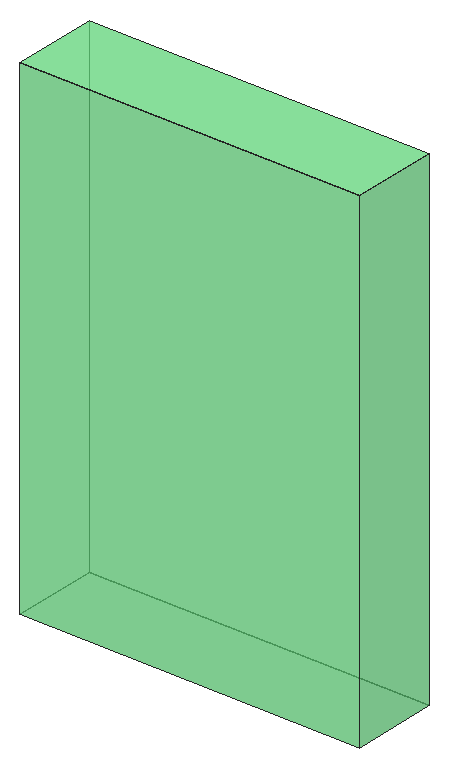
Revit family "501_MEP_Задание_Отверстие прямоугольное_Стены", category Оборудование, Revit 2020
Family settings
  Размер круглого соединителя = Использовать диаметр
  Классификация = Нет
  Тип детали = Нормальный
  На основе рабочей плоскости = Нет
  Всегда вертикально = Да
  При загрузке вырезать с полостями = Нет
  Общий = Нет
  Точка расчета площади = Нет
Parameters (values of type "СС")
  Отметка по умолчанию = 0 mm
  Ключевая пометка = "501_MEP"  # constant formula
  КП_Р_Ширина [instance] = Ширина + Расширение границ * 2  # 1100 mm
  КП_Р_Высота [instance] = Высота + Расширение границ * 2  # 1600 mm
  Заливка цветом = Заливка Цветная Прямоугольное Отверстие : Зеленый
  SYS_YES = 1 = 1  # yes
  SYS_WIDTH [instance] = Ширина / 2 + Расширение границ  # 550 mm
  Ширина [instance] = 1000 mm
  Толщина [instance] = 280 mm
  Расширение границ [instance] = 50 mm
  Описание = "Для плагина «Менеджер отверстий»"  # constant formula
  Комментарии к типоразмеру = "СС"
  Группа модели = "Задание на прямоугольное отверстие в стене"  # constant formula
  SYS_OFFSET_UP [instance] = 0 mm
  SYS_OFFSET_DOWN [instance] = 0 mm
  SYS_NO = 1 = 0  # no
  SYS_HEIGHT [instance] = Высота / 2 + Расширение границ  # 800 mm
  Высота [instance] = 1500 mm
Types (5, lengths in mm): name | Заливка цветом | Комментарии к типоразмеру
  ОВ | Заливка Цветная Прямоугольное Отверстие : Желтый | "ОВ"
  ВК | Заливка Цветная Прямоугольное Отверстие : Синий | "ВК"
  ЭОМ | Заливка Цветная Прямоугольное Отверстие : Красный | "ЭОМ"
  СС | Заливка Цветная Прямоугольное Отверстие : Зеленый | "СС"
  АУПТ | Заливка Цветная Прямоугольное Отверстие : Фиолетовый | "АУПТ"
Reference planes
  plane 1 "Центр (Вперед/Назад)": y = 0
  plane 2: z = 0
  plane 3 "Центр (Влево/Вправо)": x = 0
  plane 4: z = 1500
  plane 5 "Влево": x = -500
  plane 6 "Вправо": x = 500
  plane 7 "Центр (Вверх/Вниз)": z = 750
  plane 8 "Назад": y = 140
  plane 9 "Вперед": y = -140
  plane 10: x = -550
  plane 11: z = 1550
  plane 12: x = 550
  plane 13: z = -50
  plane 14: z = 0
  plane 15: z = 1500
Forms (mm)
  Extrusion 1, solid
    sketch origin (-606.998, -140, 1200) x (-1, 0, 0) y (0, 0, 1)
      loop
        line (-56.998, 350) -> (-1156.998, 350) -> (-1156.998, -1250) -> (-56.998, -1250) -> (-56.998, 350)
    from 0 to 280 <- "Толщина"
Lines and regions (mm)
  model lines, style "00"
    curve 1: line (0, 0, 1500) -> (0, 0, 0)
  model lines, style "Обмен заданиями_MEP", detail levels fine
    curve 2: line (-500, -140, 1500) -> (500, -140, 1500)
    curve 3: line (-500, -140, 0) -> (-500, -140, 1500)
    curve 4: line (500, -140, 0) -> (-500, -140, 0)
    curve 5: line (500, -140, 1500) -> (500, -140, 0)
    curve 6: line (-500, 140, 1500) -> (500, 140, 1500)
    curve 7: line (-500, 140, 0) -> (-500, 140, 1500)
    curve 8: line (500, 140, 0) -> (-500, 140, 0)
    curve 9: line (500, 140, 1500) -> (500, 140, 0)
Dimensions and locks
  equal spacing: plane 5 "Влево", plane 3 "Центр (Влево/Вправо)", plane 6 "Вправо"
  equal spacing: plane 4, plane 7 "Центр (Вверх/Вниз)", plane 2
  "Ширина": plane 5 "Влево" to plane 6 "Вправо"
  "Высота": plane 4 to plane 2
  "Толщина": plane 8 "Назад" to plane 9 "Вперед"
  equal spacing: plane 8 "Назад", plane 1 "Центр (Вперед/Назад)", plane 9 "Вперед"
  "SYS_WIDTH": plane 3 "Центр (Влево/Вправо)" to plane 10
  "SYS_WIDTH": plane 12 to plane 3 "Центр (Влево/Вправо)"
  "SYS_HEIGHT": plane 7 "Центр (Вверх/Вниз)" to plane 13
  "SYS_HEIGHT": plane 11 to plane 7 "Центр (Вверх/Вниз)"
  "SYS_OFFSET_DOWN": plane 2 to plane 14
  "SYS_OFFSET_UP": plane 15 to plane 4
  aligned and locked: level to plane 2
  aligned and locked: Extrusion 1 sketch curve to plane 10
  aligned and locked: Extrusion 1 sketch curve to plane 12
  aligned and locked: Extrusion 1 sketch curve to plane 11
  aligned and locked: Extrusion 1 sketch curve to plane 13
  aligned and locked: plane 3 "Центр (Влево/Вправо)" to nested 1
  aligned and locked: plane 1 "Центр (Вперед/Назад)" to nested 1
  aligned and locked: plane 3 "Центр (Влево/Вправо)" to nested 2
  aligned and locked: nested 2 to plane 7 "Центр (Вверх/Вниз)"
  aligned and locked: plane 15 to curve 1
  aligned and locked: plane 14 to curve 1
  aligned and locked: curve 1 to plane 3 "Центр (Влево/Вправо)"
  aligned and locked: curve 5 to plane 6 "Вправо"
  aligned and locked: plane 2 to curve 4
  aligned and locked: curve 2 to plane 4
  aligned and locked: curve 3 to plane 5 "Влево"
  aligned and locked: curve 7 to plane 5 "Влево"
  aligned and locked: plane 2 to curve 8
  aligned and locked: curve 6 to plane 4
  aligned and locked: curve 9 to plane 6 "Вправо"
Nested families
  nested 1: "Заливка Цветная Прямоугольное Отверстие" at (0, 0, 0), L <- "КП_Р_Ширина", W <- "Толщина", План <- "SYS_YES", type <- "Заливка цветом", type "Зеленый"
    with Черный (план) no, Фиолетовый (план) no, Синий (план) no, План yes, Оранжевый (план) no, Красный (план) no, Зеленый (план) yes, Желтый (план) no, Голубой (план) no, W 280 mm, L 1100 mm, AW 50 mm, AL 50 mm
  nested 2: "Заливка Цветная Прямоугольное Отверстие" at (0, 0, 750) x (1, 0, 0) z (0, -1, 0), План <- "SYS_NO", W <- "КП_Р_Высота", L <- "КП_Р_Ширина", type <- "Заливка цветом", type "Зеленый"
    with Черный (план) no, Фиолетовый (план) no, Синий (план) no, План no, Оранжевый (план) no, Красный (план) no, Зеленый (план) no, Желтый (план) no, Голубой (план) no, W 1600 mm, L 1100 mm, AW 100 mm, AL 100 mm
Definition of nested family "Заливка Цветная Прямоугольное Отверстие"
  Parameters (values of type "Зеленый")
    Черный (план) [instance] = and(Черный, План)  # no
    Черный = no
    Фиолетовый (план) [instance] = and(Фиолетовый, План)  # no
    Фиолетовый = no
    Синий (план) [instance] = and(Синий, План)  # no
    Синий = no
    План [instance] = yes
    Оранжевый (план) [instance] = and(Оранжевый, План)  # no
    Оранжевый = no
    Красный (план) [instance] = and(Красный, План)  # no
    Красный = no
    Зеленый (план) [instance] = and(Зеленый, План)  # yes
    Зеленый = yes
    Желтый (план) [instance] = and(Желтый, План)  # no
    Желтый = no
    Голубой (план) [instance] = and(Голубой, План)  # no
    Голубой = no
    L [instance] = 400 mm
    W [instance] = 200 mm
    AW [instance] = if(and(L > 500 mm, W > 500 mm), 100 mm, 50 mm)  # 50 mm
    AL [instance] = if(and(L > 500 mm, W > 500 mm), 100 mm, 50 mm)  # 50 mm
  Types (8, lengths in mm): name | Черный (план) | Черный | Фиолетовый (план) | Фиолетовый | Синий (план) | Синий | Оранжевый (план) | Оранжевый | Красный (план) | Красный | Зеленый (план) | Зеленый | Желтый (план) | Желтый | Голубой (план) | Голубой
    Красный | no | no | no | no | no | no | no | no | yes | yes | no | no | no | no | no | no
    Желтый | no | no | no | no | no | no | no | no | no | no | no | no | yes | yes | no | no
    Оранжевый | no | no | no | no | no | no | yes | yes | no | no | no | no | no | no | no | no
    Голубой | no | no | no | no | no | no | no | no | no | no | no | no | no | no | yes | yes
    Синий | no | no | no | no | yes | yes | no | no | no | no | no | no | no | no | no | no
    Фиолетовый | no | no | yes | yes | no | no | no | no | no | no | no | no | no | no | no | no
    Черный | yes | yes | no | no | no | no | no | no | no | no | no | no | no | no | no | no
    Зеленый | no | no | no | no | no | no | no | no | no | no | yes | yes | no | no | no | no
  Reference planes
    plane 1 "По центру (Вперед/Назад)": y = 0
    plane 2: z = 0
    plane 3 "По центру (Влево/Вправо)": x = 0
    plane 4: x = 200
    plane 5: x = -200
    plane 6: y = 100
    plane 7: y = -100
    plane 8: y = 50
    plane 9: x = -150
  Lines and regions (mm)
    Filled region 1, type "Черный", in view "Опорный уровень", visible <- "Черный"
      outline origin (0, 0, 0) x (1, 0, 0) y (0, 1, 0)
        loop
          line (-200, 100) -> (-200, -100) -> (-150, 50) -> (200, 100) -> (-200, 100)
    Filled region 2, type "Голубой", in view "Опорный уровень", visible <- "Голубой"
      outline origin (0, 0, 0) x (1, 0, 0) y (0, 1, 0)
        loop
          line (-200, 100) -> (-200, -100) -> (-150, 50) -> (200, 100) -> (-200, 100)
    Filled region 3, type "Желтый", in view "Опорный уровень", visible <- "Желтый"
      outline origin (0, 0, 0) x (1, 0, 0) y (0, 1, 0)
        loop
          line (-200, 100) -> (-200, -100) -> (-150, 50) -> (200, 100) -> (-200, 100)
    Filled region 4, type "Зеленый", in view "Опорный уровень", visible <- "Зеленый"
      outline origin (0, 0, 0) x (1, 0, 0) y (0, 1, 0)
        loop
          line (-200, 100) -> (-200, -100) -> (-150, 50) -> (200, 100) -> (-200, 100)
    Filled region 5, type "Красный", in view "Опорный уровень", visible <- "Красный"
      outline origin (0, 0, 0) x (1, 0, 0) y (0, 1, 0)
        loop
          line (-200, 100) -> (-200, -100) -> (-150, 50) -> (200, 100) -> (-200, 100)
    Filled region 6, type "Оранжевый", in view "Опорный уровень", visible <- "Оранжевый"
      outline origin (0, 0, 0) x (1, 0, 0) y (0, 1, 0)
        loop
          line (-200, 100) -> (-200, -100) -> (-150, 50) -> (200, 100) -> (-200, 100)
    Filled region 7, type "Синий", in view "Опорный уровень", visible <- "Синий"
      outline origin (0, 0, 0) x (1, 0, 0) y (0, 1, 0)
        loop
          line (-200, 100) -> (-200, -100) -> (-150, 50) -> (200, 100) -> (-200, 100)
    Filled region 8, type "Фиолетовый", in view "Опорный уровень", visible <- "Фиолетовый"
      outline origin (0, 0, 0) x (1, 0, 0) y (0, 1, 0)
        loop
          line (-200, 100) -> (-200, -100) -> (-150, 50) -> (200, 100) -> (-200, 100)
    Filled region 9, type "Черный", in view "Опорный уровень", visible <- "Черный (план)"
      outline origin (630.409, -492.529, 0) x (1, 0, 0) y (0, 1, 0)
        loop
          line (-780.409, 542.529) -> (-830.409, 392.529) -> (-430.409, 392.529) -> (-430.409, 592.529) -> (-780.409, 542.529)
    Filled region 10, type "Голубой", in view "Опорный уровень", visible <- "Голубой (план)"
      outline origin (520, -360, 0) x (1, 0, 0) y (0, 1, 0)
        loop
          line (-670, 410) -> (-720, 260) -> (-320, 260) -> (-320, 460) -> (-670, 410)
    Filled region 11, type "Желтый", in view "Опорный уровень", visible <- "Желтый (план)"
      outline origin (500, -320, 0) x (1, 0, 0) y (0, 1, 0)
        loop
          line (-300, 420) -> (-650, 370) -> (-700, 220) -> (-300, 220) -> (-300, 420)
    Filled region 12, type "Зеленый", in view "Опорный уровень", visible <- "Зеленый (план)"
      outline origin (630.409, -492.529, 0) x (1, 0, 0) y (0, 1, 0)
        loop
          line (-430.409, 592.529) -> (-780.409, 542.529) -> (-830.409, 392.529) -> (-430.409, 392.529) -> (-430.409, 592.529)
    Filled region 13, type "Красный", in view "Опорный уровень", visible <- "Красный (план)"
      outline origin (630.409, -492.529, 0) x (1, 0, 0) y (0, 1, 0)
        loop
          line (-780.409, 542.529) -> (-830.409, 392.529) -> (-430.409, 392.529) -> (-430.409, 592.529) -> (-780.409, 542.529)
    Filled region 14, type "Оранжевый", in view "Опорный уровень", visible <- "Оранжевый (план)"
      outline origin (630.409, -492.529, 0) x (1, 0, 0) y (0, 1, 0)
        loop
          line (-830.409, 392.529) -> (-430.409, 392.529) -> (-430.409, 592.529) -> (-780.409, 542.529) -> (-830.409, 392.529)
    Filled region 15, type "Синий", in view "Опорный уровень", visible <- "Синий (план)"
      outline origin (630.409, -492.529, 0) x (1, 0, 0) y (0, 1, 0)
        loop
          line (-830.409, 392.529) -> (-430.409, 392.529) -> (-430.409, 592.529) -> (-780.409, 542.529) -> (-830.409, 392.529)
    Filled region 16, type "Фиолетовый", in view "Опорный уровень", visible <- "Фиолетовый (план)"
      outline origin (580, -340, 0) x (1, 0, 0) y (0, 1, 0)
        loop
          line (-780, 240) -> (-380, 240) -> (-380, 440) -> (-730, 390) -> (-780, 240)
  Dimensions and locks
    equal spacing: plane 5, plane 3 "По центру (Влево/Вправо)", plane 4
    equal spacing: plane 6, plane 1 "По центру (Вперед/Назад)", plane 7
    "W": plane 6 to plane 7
    "L": plane 5 to plane 4
    plane 5 to plane 3 "По центру (Влево/Вправо)" = 200 mm
    "AL": plane 5 to plane 9
    "AW": plane 6 to plane 8
    aligned and locked: plane 5 to Filled region 1 sketch curve
    aligned and locked: plane 6 to Filled region 1 sketch curve
    aligned and locked: Filled region 16 sketch curve to Filled region 8  (x2)
    aligned and locked: Filled region 16 sketch curve to plane 7
    aligned and locked: Filled region 16 sketch curve to plane 4
    aligned and locked: Filled region 15 sketch curve to Filled region 8  (x2)
    aligned and locked: Filled region 15 sketch curve to plane 4
    aligned and locked: Filled region 15 sketch curve to plane 7
    aligned and locked: Filled region 14 sketch curve to Filled region 8  (x2)
    aligned and locked: Filled region 14 sketch curve to plane 4
    aligned and locked: Filled region 14 sketch curve to plane 7
    aligned and locked: Filled region 13 sketch curve to Filled region 8  (x2)
    aligned and locked: Filled region 13 sketch curve to plane 7
    aligned and locked: Filled region 13 sketch curve to plane 4
    aligned and locked: Filled region 12 sketch curve to plane 4
    aligned and locked: Filled region 12 sketch curve to plane 7
    aligned and locked: Filled region 12 sketch curve to Filled region 8  (x2)
    aligned and locked: Filled region 11 sketch curve to plane 4
    aligned and locked: Filled region 11 sketch curve to plane 7
    aligned and locked: Filled region 11 sketch curve to Filled region 8  (x2)
    aligned and locked: Filled region 10 sketch curve to Filled region 8  (x2)
    aligned and locked: Filled region 10 sketch curve to plane 7
    aligned and locked: Filled region 10 sketch curve to plane 4
    aligned and locked: Filled region 9 sketch curve to Filled region 8  (x2)
    aligned and locked: Filled region 9 sketch curve to plane 7
    aligned and locked: Filled region 9 sketch curve to plane 4
  Automatic sketch dimensions
    Filled region 1 sketch curve to plane 8 = 0 mm
    Filled region 1 sketch curve to plane 9 = 0 mm
    Filled region 1 sketch curve to plane 4 = 0 mm
    Filled region 1 sketch curve to plane 7 = 0 mm
    Filled region 2 sketch curve to plane 5 = 0 mm
    Filled region 2 sketch curve to plane 8 = 0 mm
    Filled region 2 sketch curve to plane 9 = 0 mm
    Filled region 2 sketch curve to plane 4 = 0 mm
    Filled region 2 sketch curve to plane 7 = 0 mm
    Filled region 2 sketch curve to plane 6 = 0 mm
    Filled region 3 sketch curve to plane 5 = 0 mm
    Filled region 3 sketch curve to plane 8 = 0 mm
    Filled region 3 sketch curve to plane 9 = 0 mm
    Filled region 3 sketch curve to plane 4 = 0 mm
    Filled region 3 sketch curve to plane 7 = 0 mm
    Filled region 3 sketch curve to plane 6 = 0 mm
    Filled region 4 sketch curve to plane 5 = 0 mm
    Filled region 4 sketch curve to plane 8 = 0 mm
    Filled region 4 sketch curve to plane 9 = 0 mm
    Filled region 4 sketch curve to plane 4 = 0 mm
    Filled region 4 sketch curve to plane 7 = 0 mm
    Filled region 4 sketch curve to plane 6 = 0 mm
    Filled region 5 sketch curve to plane 5 = 0 mm
    Filled region 5 sketch curve to plane 8 = 0 mm
    Filled region 5 sketch curve to plane 9 = 0 mm
    Filled region 5 sketch curve to plane 4 = 0 mm
    Filled region 5 sketch curve to plane 7 = 0 mm
    Filled region 5 sketch curve to plane 6 = 0 mm
    Filled region 6 sketch curve to plane 5 = 0 mm
    Filled region 6 sketch curve to plane 8 = 0 mm
    Filled region 6 sketch curve to plane 9 = 0 mm
    Filled region 6 sketch curve to plane 4 = 0 mm
    Filled region 6 sketch curve to plane 7 = 0 mm
    Filled region 6 sketch curve to plane 6 = 0 mm
    Filled region 7 sketch curve to plane 5 = 0 mm
    Filled region 7 sketch curve to plane 8 = 0 mm
    Filled region 7 sketch curve to plane 9 = 0 mm
    Filled region 7 sketch curve to plane 4 = 0 mm
    Filled region 7 sketch curve to plane 7 = 0 mm
    Filled region 7 sketch curve to plane 6 = 0 mm
    Filled region 8 sketch curve to plane 5 = 0 mm
    Filled region 8 sketch curve to plane 8 = 0 mm
    Filled region 8 sketch curve to plane 9 = 0 mm
    Filled region 8 sketch curve to plane 4 = 0 mm
    Filled region 8 sketch curve to plane 7 = 0 mm
    Filled region 8 sketch curve to plane 6 = 0 mm
